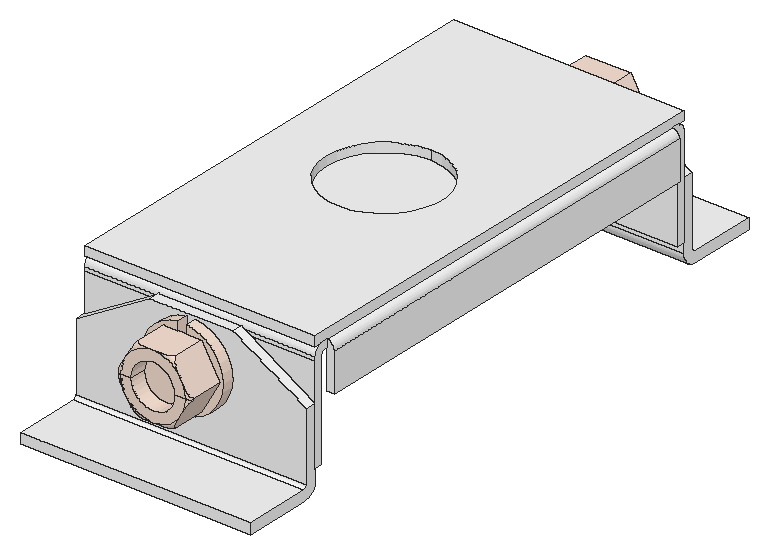
Revit family "kobaikun_w", category 機械設備, Revit 2022
Family settings
  丸型コネクタ寸法 = 直径を使用
  種別 = なし
  パーツ タイプ = 標準
  作業面ベース = いいえ
  常に垂直 = はい
  ロード時にボイドで切り取り = いいえ
  注釈の向きを維持 = いいえ
  共有 = いいえ
  部屋計算ポイント = いいえ
Parameters
  製造元 = "株式会社桐井製作所"
  既定の高さ = 0 mm
  URL = "https://www.kirii.co.jp/"
  K_角度 [instance] = 90.00°
  K_表面処理 = "JIS H 8610　電気亜鉛めっき1級以上　JIS H 8625 1級CM1A以上"
  K_材質 = "軟質鋼材 JIS G 3505同等以上"
  K_名称 = "勾配クンW"
  K_単位質量(kg/個) = 0.25
  K_バージョン情報 = "20230413"
Reference planes
  plane 1 "中心(正面/背面)": y = 0
  plane 2: z = 0
  plane 3 "中心(左/右)": x = 0
Forms (mm)
  Extrusion 1, void
    sketch origin (0, -14.992, 0) x (1, 0, 0) y (0, 0, 1)
      loop
        circle (0, 0) r 5
    from 35 to 37.3
  Extrusion 2, solid
    sketch origin (0, -17.492, 0) x (0, 1, 0) y (0, 0, 1)
      loop
        line (-34.8, 9.4) -> (-34.8, -14.9)
        arc (-34.8, -14.9) -> (-35.005, -15.395) -> (-35.5, -15.6) r 0.7
        line (-35.5, -15.6) -> (-50, -15.6) -> (-50, -17.9) -> (-35.5, -17.9)
        arc (-35.5, -17.9) -> (-33.379, -17.021) -> (-32.5, -14.9) r 3
        line (-32.5, -14.9) -> (-32.5, 9.4) -> (-34.8, 9.4)
    from -25 to 25
  Extrusion 3, void
    sketch origin (0, 0, 0) x (1, 0, 0) y (0, 0, 1)
      loop
        line (-25, -0.1) -> (-9, 9.4) -> (-25, 9.4) -> (-25, -0.1)
    from 49.992 to 52.292
  Extrusion 4, void
    sketch origin (0, 0, 0) x (-1, 0, 0) y (0, 0, -1)
      loop
        line (-25, 0.1) -> (-25, -9.4) -> (-9, -9.4) -> (-25, 0.1)
    from 49.992 to 52.292
  Extrusion 5, solid
    sketch origin (-0.1, 17.5, 0) x (0, -1, 0) y (0, 0, -1)
      loop
        line (-34.8, -9.4) -> (-32.5, -9.4) -> (-32.5, 14.9)
        arc (-32.5, 14.9) -> (-33.379, 17.021) -> (-35.5, 17.9) r 3
        line (-35.5, 17.9) -> (-50, 17.9) -> (-50, 15.6) -> (-35.5, 15.6)
        arc (-35.5, 15.6) -> (-35.005, 15.395) -> (-34.8, 14.9) r 0.7
        line (-34.8, 14.9) -> (-34.8, -9.4)
    from -24.9 to 25.1
  Extrusion 6, void
    sketch origin (-0.1, 0.015, 0) x (-1, 0, 0) y (0, 0, 1)
      loop
        line (-25.1, -0.1) -> (-9.1, 9.4) -> (-25.1, 9.4) -> (-25.1, -0.1)
    from 49.992 to 52.292
  Extrusion 7, void
    sketch origin (0, 15.059, 0.107) x (1, 0, 0) y (0, 0, -1)
      loop
        circle (0, 0.107) r 5
    from 34.941 to 37.241
  Extrusion 8, void
    sketch origin (0.1, 0.015, 0) x (1, 0, 0) y (0, 0, -1)
      loop
        line (-25.1, 0.1) -> (-25.1, -9.4) -> (-9.1, -9.4) -> (-25.1, 0.1)
    from 49.992 to 52.292
Cuts and joins
  Extrusion 1, Extrusion 3, Extrusion 4, Extrusion 6 cuts Extrusion 2
  Extrusion 6, Extrusion 7, Extrusion 8 cuts Extrusion 5
Dimensions and locks
  "K_角度": angle nested 1 to plane 2
  aligned and locked: level to plane 2
Automatic sketch dimensions
  Extrusion 1 sketch curve to level = 0 mm
  Extrusion 1 sketch curve to plane 3 "中心(左/右)" = 0 mm
  Extrusion 2 sketch curve to Extrusion 2 sketch curve = 0 mm  (x2)
  Extrusion 2 sketch curve to level = 17.9 mm
  plane 1 "中心(正面/背面)" to Extrusion 2 sketch curve = 67.492 mm
  Extrusion 2 sketch curve to Extrusion 2 sketch curve = 14.5 mm
  Extrusion 2 sketch curve to Extrusion 2 sketch curve = 0.7 mm
  Extrusion 2 sketch curve to Extrusion 2 sketch curve = 2.3 mm
  level to Extrusion 2 sketch curve = 9.4 mm
  Extrusion 3 sketch curve to level = 0.1 mm
  Extrusion 3 sketch curve to plane 3 "中心(左/右)" = 25 mm
  Extrusion 3 sketch curve to plane 3 "中心(左/右)" = 9 mm
  level to Extrusion 3 sketch curve = 9.4 mm
  level to Extrusion 4 sketch curve = 0.1 mm
  Extrusion 4 sketch curve to plane 3 "中心(左/右)" = 25 mm
  Extrusion 4 sketch curve to plane 3 "中心(左/右)" = 9 mm
  Extrusion 4 sketch curve to level = 9.4 mm
  Extrusion 5 sketch curve to Extrusion 5 sketch curve = 0 mm  (x2)
  Extrusion 5 sketch curve to level = 17.9 mm
  Extrusion 5 sketch curve to plane 1 "中心(正面/背面)" = 67.5 mm
  Extrusion 5 sketch curve to Extrusion 5 sketch curve = 14.5 mm
  Extrusion 5 sketch curve to Extrusion 5 sketch curve = 0.7 mm
  Extrusion 5 sketch curve to Extrusion 5 sketch curve = 2.3 mm
  level to Extrusion 5 sketch curve = 9.4 mm
  Extrusion 6 sketch curve to level = 0.1 mm
  plane 3 "中心(左/右)" to Extrusion 6 sketch curve = 25 mm
  plane 3 "中心(左/右)" to Extrusion 6 sketch curve = 9 mm
  level to Extrusion 6 sketch curve = 9.4 mm
  Extrusion 7 sketch curve to level = 0 mm
  Extrusion 7 sketch curve to plane 3 "中心(左/右)" = 0 mm
  Extrusion 8 sketch curve to level = 0.1 mm
  Extrusion 8 sketch curve to plane 3 "中心(左/右)" = 25 mm
  Extrusion 8 sketch curve to plane 3 "中心(左/右)" = 9 mm
  level to Extrusion 8 sketch curve = 9.4 mm
  radius of Extrusion 1 sketch curve = 5 mm
  radius of Extrusion 7 sketch curve = 5 mm
Nested families
  nested 1: "勾配くん_クッションゴム付金具W" at (0, 0.008, 0), type "勾配くん_クッションゴム付金具W"
    with K_角度 90.00°
  nested 2: "六角ボルトL=125" at (0.011, 60.725, 0.2), type "六角ボルトL=125"
  nested 3: "3／8”スプリングワッシャー" at (0, 52.292, 0) x (0, 0, 1) z (0, 1, 0), type "3／8”スプリングワッシャー"
  nested 4: "ナット" at (0, -54.692, 0) x (-1, 0, 0) z (0, -1, 0), type "ナット"
  nested 5: "3／8”スプリングワッシャー" at (0, -52.292, 0) x (0, 0, 1) z (0, -1, 0), type "3／8”スプリングワッシャー"
Definition of nested family "勾配くん_クッションゴム付金具W"
  Parameters (values of type "勾配くん_クッションゴム付金具W")
    Manufacturer = "株式会社桐井製作所"
    Default Elevation = 0 mm
    URL = "https://www.kirii.co.jp/"
    K_角度 [instance] = 90.00°
    K_名称 = "勾配くん_クッションゴム付金具W"
    K_バージョン情報 = "20230328"
  Reference planes
    plane 1 "中心(正面/背面)": y = 0
    plane 2: z = 0
    plane 3 "中心(左/右)": x = 0
  Forms (mm)
    Extrusion 1, solid
      sketch origin (0, 0, -17.8) x (0, 1, 0) y (0, 0, 1)
        loop
          line (-50, 26.8) -> (-50, 26) -> (-50, 5) -> (-48.4, 5) -> (-48.4, 26.2)
          arc (-48.4, 26.2) -> (-48.107, 26.907) -> (-47.4, 27.2) r 1
          line (-47.4, 27.2) -> (47.4, 27.2)
          arc (47.4, 27.2) -> (48.107, 26.907) -> (48.4, 26.2) r 1
          line (48.4, 26.2) -> (48.4, 5) -> (50, 5) -> (50, 26.8)
          arc (50, 26.8) -> (49.414, 28.214) -> (48, 28.8) r 2
          line (48, 28.8) -> (-48, 28.8)
          arc (-48, 28.8) -> (-49.414, 28.214) -> (-50, 26.8) r 2
      from -25 to 25
    Extrusion 2, void
      sketch origin (0, 0, -17.8) x (1, 0, 0) y (0, 0, 1)
        loop
          circle (0, 17.8) r 5
      from 48.4 to 50
    Extrusion 3, void
      sketch origin (0, 80.9, -17.8) x (1, 0, 0) y (0, 0, 1)
        loop
          circle (0, 17.8) r 5
      from 30.9 to 32.5
    Extrusion 4, solid
      sketch origin (0, 0, 0) x (1, 0, 0) y (0, 0, 1)
        loop
          arc (-25, 11) -> (-26.131, 10.531) -> (-26.6, 9.4) r 1.6
          line (-26.6, 9.4) -> (-26.6, 1) -> (-25, 1) -> (-25, 11)
      from -46.8 to 46.8
    Extrusion 5, solid
      sketch origin (0, 0, 0) x (-1, 0, 0) y (0, 0, -1)
        loop
          line (-25, -11) -> (-25, -1) -> (-26.6, -1) -> (-26.6, -9.4)
          arc (-26.6, -9.4) -> (-26.131, -10.531) -> (-25, -11) r 1.6
      from -46.8 to 46.8
  Cuts and joins
    Extrusion 2, Extrusion 3 cuts Extrusion 1
    joined: Extrusion 1, Extrusion 4, Extrusion 5
  Dimensions and locks
    aligned and locked: level to plane 2
  Nested families
    nested 1: "クッションゴムGTクイーン用" at (0, 0, 11) x (0, 1, 0) z (0, 0, 1), type "クッションゴムGTクイーン用"
  Definition of nested family "クッションゴムGTクイーン用"
    Parameters (values of type "クッションゴムGTクイーン用")
      Manufacturer = "株式会社桐井製作所"
      Default Elevation = 0 mm
      URL = "https://www.kirii.co.jp/"
      K_材質 = "天然ゴム"
      K_名称 = "クッションゴムGTクイーン用"
      K_単位質量(kg/個) = 0.013
      K_バージョン情報 = "20221212"
      K_JIS規格 = "JIS Ｋ 6386"
    Reference planes
      plane 1 "中心(正面/背面)": y = 0
      plane 2: z = 0
      plane 3 "中心(左/右)": x = 0
    Forms (mm)
      Extrusion 1, solid
        sketch origin (0, 0, -108.4) x (-1, 0, 0) y (0, 0, 1)
          loop
            line (50, 108.4) -> (50, 110.4) -> (-50, 110.4) -> (-50, 108.4) -> (50, 108.4)
        from -25 to 25
      Extrusion 2, void
        sketch origin (0, 0, 0) x (1, 0, 0) y (0, 1, 0)
          loop
            circle (0, 0) r 12.5
        from 0 to 2
    Cuts and joins
      Extrusion 2 cuts Extrusion 1
    Dimensions and locks
      aligned and locked: level to plane 2
Definition of nested family "六角ボルトL=125"
  Parameters (values of type "六角ボルトL=125")
    Manufacturer = "株式会社桐井製作所"
    Default Elevation = 0 mm
    URL = "https://www.kirii.co.jp/"
    K_名称 = "六角ボルト"
  Reference planes
    plane 1 "中心(正面/背面)": y = 0
    plane 2: z = 0
    plane 3 "中心(左/右)": x = 0
    plane 4 "正面": y = -6
  Forms (mm)
    Extrusion 1, solid
      sketch origin (0, 0, 0) x (1, 0, 0) y (0, 0, 1)
        loop
          circle (-0.011, -0.2) r 4.5
      from 6 to 120
    Extrusion 2, solid
      sketch origin (0, 0, 0) x (1, 0, 0) y (0, 0, 1)
        loop
          line (-4.892, 8.255) -> (-9.774, -0.2) -> (-4.892, -8.656) -> (4.871, -8.656) -> (9.752, -0.2) -> (4.871, 8.255) -> (-4.892, 8.255)
      from 0 to 6
  Cuts and joins
    joined: Extrusion 1, Extrusion 2
  Dimensions and locks
    aligned and locked: level to plane 2
Definition of nested family "3／8”スプリングワッシャー"
  Parameters (values of type "3／8”スプリングワッシャー")
    Manufacturer = "株式会社桐井製作所"
    Default Elevation = 0 mm
    URL = "https://www.kirii.co.jp/"
    K_表面処理 = "JIS H 8610 電気亜鉛めっき1級以上　JIS H 8625 1級CM1A以上"
    K_材質 = "軟鋼線材 JIS G 3505 同等以上"
    K_名称 = "3/8”スプリングワッシャー"
    K_単位質量(kg/個) = 0.005
    K_バージョン情報 = "20230413"
  Reference planes
    plane 1 "中心(正面/背面)": y = 0
    plane 2: z = 0
    plane 3 "中心(左/右)": x = 0
  Forms (mm)
    Extrusion 1, solid
      sketch origin (0, 0, 0) x (1, 0, 0) y (0, 1, 0)
        loop
          line (8.834, 1.08) -> (4.78, 1.08)
          arc (4.78, 1.08) -> (-4.899, -0.082) -> (4.813, -0.92) r 4.9
          line (4.813, -0.92) -> (8.852, -0.92)
          arc (8.852, -0.92) -> (-8.9, -0.08) -> (8.834, 1.08) r 8.9
      from 0 to 2.4
  Dimensions and locks
    aligned and locked: level to plane 2
Definition of nested family "ナット"
  Parameters (values of type "ナット")
    Default Elevation = 1219.2 mm
  Reference planes
    plane 1 "中心(正面/背面)": y = 0
    plane 2: z = 0
    plane 3 "中心(左/右)": x = 0
  Forms (mm)
    Extrusion 1, solid
      sketch origin (0, 0, 0) x (1, 0, 0) y (0, 1, 0)
        loop
          line (-55, 45) -> (-55, -45.273) -> (55.986, -45.273) -> (55.986, 45) -> (-55, 45)
      from 0 to -304.8
    Revolve 2, solid
      sketch origin (0, 0, 2.36) x (1, 0, 0) y (0, 0, 1)
        loop
          arc (8.083, 4.64) -> (7.781, 5.356) -> (7.057, 5.64) r 1
          line (7.057, 5.64) -> (4.765, 5.64) -> (4.765, -2.36) -> (8.083, -2.36) -> (8.083, 4.64)
        axis (0, 5.64) -> (0, -2.36)
      angle from 0 to 360
    Extrusion 3, void
      sketch origin (0, 0, 0) x (1, 0, 0) y (0, 1, 0)
        loop
          line (8.083, 0) -> (4.041, 7) -> (-4.041, 7) -> (-8.083, 0) -> (-4.041, -7) -> (4.041, -7) -> (8.083, 0)
        loop
          circle (0, 0) r 8.42
      from 0 to 8.277
  Cuts and joins
    Extrusion 3 cuts Revolve 2
  Dimensions and locks
    aligned and locked: plane 2 to Extrusion 1
    aligned and locked: level to Extrusion 1
